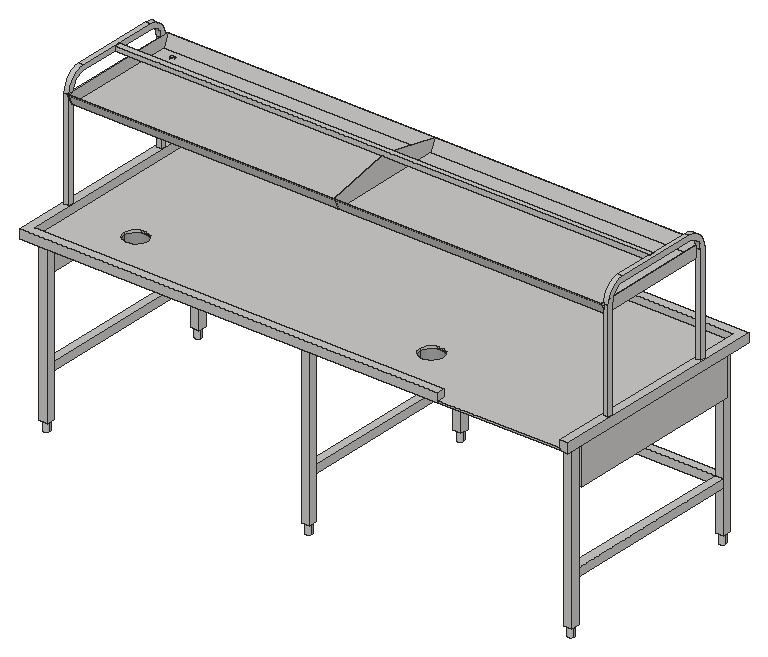
Revit family "QF_ZANUSSI_865347_BHST2711L", category Attrezzature speciali, Revit 2020
Family settings
  Quota connettore circolare = Usa diametro
  Tipo di parte = Normale
  Basato su piano di lavoro = No
  Sempre verticale = Sì
  Taglio con vuoti quando caricato = No
  Condiviso = No
  Punto di calcolo locali = No
Parameters (values of type "Standard")
  Weight = 25.00 kg
  Watts = 0 W
  Volts = 0 V
  URL Manufacturer = "http://www.zanussiprofessional.com"
  URL = "http://www.zanussiprofessional.com"
  Steam Supply Size = 0 mm
  Steam Supply Minimum Pressure = 0.0 Pa
  Steam Supply Maximum Pressure = 0.0 Pa
  Steam Consumption per Hour = 0
  Refrigeration Suction Line Size = 0 mm
  Refrigeration Liquid Line Size = 0 mm
  Refrigerant Compressor Remote = yes
  Prospetto di default = 0 mm
  Produttore = "Zanussi"
  Phase = 0
  Modello = "BHST2711L"
  Length Actual = 2700 mm  # constant formula
  Item Number = "865347"
  Hot Water Size = 0 mm
  Height Actual = 1551 mm  # constant formula
  HP = "0 HP"
  Gas Size = 0 mm
  Gas KW = 0
  Gas Input Pressure = 0 W
  Direct Waste Size = 0 mm
  Description = "SORTING TABLE, LEFT>RIGHT, 2700X1100 MM "
  Depth Actual = 1100 mm  # constant formula
  Cycle = 0 Hz
  Condensate Return Size = 0 mm
  Compressed Air Volume = 0.0 L/s
  Compressed Air Size = 0 mm
  Compressed Air Pressure = 0.0 Pa
  Cold Water Size = 0 mm
  Accessory = yes
Reference planes
  plane 1 "Centro (Fronte/Retro)": y = 0
  plane 2: z = 0
  plane 3 "Centro (Sinistra/Destra)": x = 0
  plane 4: z = 1492
  plane 5: x = 20
  plane 6: y = -557.5
  plane 7: x = 56
  plane 8: x = 2700
  plane 9: x = 1350
  plane 10: y = -1115
  plane 11: y = -88
  plane 12: y = -1023
Forms (mm)
  Extrusion 1, solid, material "QF_Finishes_Stainless Steel"
    sketch origin (0, 0, 865) x (1, 0, 0) y (0, 1, 0)
      loop
        line (40, -1075) -> (2060, -1075) -> (2060, -1115) -> (2660, -1115) -> (2660, -40) -> (40, -40) -> (40, -1075)
    from 0 to 10
  Extrusion 2, solid, material "QF_Finishes_Stainless Steel"
    sketch origin (36, -178, 0) x (0, 1, 0) y (0, 0, 1)
      loop
        line (70, 299.579) -> (-825, 299.579) -> (-825, 259.579) -> (70, 259.579) -> (70, 299.579)
    from 0 to 40
  Sweep 3, solid, material "QF_Finishes_Stainless Steel"
    path origin (0, -178, -12) x (0, 1, 0) y (0, 0, 1)
      loop
        line (-95, 922) -> (-95, 1412)
        arc (-95, 1412) -> (-118.431, 1468.569) -> (-175, 1492) r 80
        line (-175, 1492) -> (-584, 1492)
        arc (-584, 1492) -> (-640.569, 1468.569) -> (-664, 1412) r 80
        line (-664, 1412) -> (-664, 922)
    profile origin (0, -273, 1155) x (0, -1, 0) y (1, 0, 0)
      loop
        line (-12, 8) -> (12, 8) -> (12, 32) -> (-12, 32) -> (-12, 8)
  Extrusion 4, solid, material "QF_Finishes_Stainless Steel"
    sketch origin (0, -178, 0) x (0, 1, 0) y (0, 0, 1)
      loop
        line (70, 865) -> (-825, 865) -> (-825, 660) -> (70, 660) -> (70, 865)
    from 20 to 36
  Extrusion 5, solid, material "QF_Finishes_Stainless Steel"
    sketch origin (-964, -68, 0) x (1, 0, 0) y (0, 1, 0)
      loop
        line (1000, 0) -> (1000, -40) -> (1040, -40) -> (1040, 0) -> (1000, 0)
    from 45 to 865
  Extrusion 6, solid, material "QF_Finishes_Stainless Steel"
    sketch origin (-964, -68, 0) x (1, 0, 0) y (0, 1, 0)
      loop
        circle (1020, -20) r 15
    from 0 to 45
  Extrusion 7, solid, material "QF_Finishes_Stainless Steel"
    sketch origin (-964, -1003, 0) x (1, 0, 0) y (0, 1, 0)
      loop
        line (1000, 0) -> (1000, -40) -> (1040, -40) -> (1040, 0) -> (1000, 0)
    from 45 to 865
  Extrusion 8, solid, material "QF_Finishes_Stainless Steel"
    sketch origin (-964, -1003, 0) x (1, 0, 0) y (0, 1, 0)
      loop
        circle (1020, -20) r 15
    from 0 to 45
  Extrusion 9, solid, material "QF_Finishes_Stainless Steel"
    sketch origin (0, -28, 0) x (1, 0, 0) y (0, 0, 1)
      loop
        line (76, 259.624) -> (1330, 259.624) -> (1330, 299.579) -> (76, 299.579) -> (76, 259.624)
    from 40 to 80
  Extrusion 10, solid, material "QF_Finishes_Stainless Steel"
    sketch origin (0, -178, -12) x (0, 1, 0) y (0, 0, 1)
      loop
        line (-367.5, 1504) -> (-391.5, 1504) -> (-391.5, 1480) -> (-367.5, 1480) -> (-367.5, 1504)
    from 32 to 2668
  Extrusion 11, void
    sketch origin (0, -178, -12) x (1, 0, 0) y (0, 1, 0)
      loop
        circle (108.268, -136.161) r 12
    from 1301.755 to 1377.519
  Extrusion 12, solid, material "QF_Finishes_Stainless Steel"
    sketch origin (0, -178, -12) x (1, 0, 0) y (0, 1, 0)
      loop
        circle (108.21, -136.146) r 13
    from 1316.037 to 1362.532
  Extrusion 13, void
    sketch origin (0, -178, -12) x (1, 0, 0) y (0, 1, 0)
      loop
        circle (108.268, -136.161) r 10
    from 1301.755 to 1377.519
  Extrusion 14, solid, material "QF_Finishes_Stainless Steel"
    sketch origin (251, -178, 0) x (0, 1, 0) y (0, 0, 1)
      loop
        line (-367.5, 1468) -> (-391.5, 1468) -> (-687.809, 1406.976) -> (-663.034, 1353.844) -> (-95.966, 1353.844) -> (-71.191, 1406.976) -> (-367.5, 1468)
    from 1098 to 1100
  Extrusion 15, void
    sketch origin (32, -178, -6.687) x (0, 1, 0) y (0, 0, 1)
      loop
        line (-56.629, 1444.891) -> (-702.371, 1444.891) -> (-663.034, 1360.532) -> (-95.966, 1360.532) -> (-56.629, 1444.891)
    from 3.287 to 2634
  Extrusion 16, solid, material "QF_Finishes_Stainless Steel"
    sketch origin (32, -178, -12) x (0, 1, 0) y (0, 0, 1)
      loop
        line (-70.92, 1418.976) -> (-688.08, 1418.976) -> (-661.76, 1362.532) -> (-97.24, 1362.532) -> (-70.92, 1418.976)
    from 0 to 2636
  Extrusion 17, solid, material "QF_Finishes_Stainless Steel"
    sketch origin (2664, -178, 0) x (0, 1, 0) y (0, 0, -1)
      loop
        line (70, -299.579) -> (70, -259.579) -> (-825, -259.579) -> (-825, -299.579) -> (70, -299.579)
    from 0 to 40
  Sweep 18, solid, material "QF_Finishes_Stainless Steel"
    path origin (2700, -178, -12) x (0, 1, 0) y (0, 0, -1)
      loop
        line (-95, -922) -> (-95, -1412)
        arc (-95, -1412) -> (-118.431, -1468.569) -> (-175, -1492) r 80
        line (-175, -1492) -> (-584, -1492)
        arc (-584, -1492) -> (-640.569, -1468.569) -> (-664, -1412) r 80
        line (-664, -1412) -> (-664, -922)
    profile origin (2700, -273, 1155) x (0, 1, 0) y (-1, 0, 0)
      loop
        line (12, 8) -> (12, 32) -> (-12, 32) -> (-12, 8) -> (12, 8)
  Extrusion 19, solid, material "QF_Finishes_Stainless Steel"
    sketch origin (2700, -178, 0) x (0, 1, 0) y (0, 0, -1)
      loop
        line (70, -865) -> (70, -660) -> (-825, -660) -> (-825, -865) -> (70, -865)
    from 20 to 36
  Extrusion 20, solid, material "QF_Finishes_Stainless Steel"
    sketch origin (3664, -68, 0) x (-1, 0, 0) y (0, -1, 0)
      loop
        line (1000, 0) -> (1040, 0) -> (1040, 40) -> (1000, 40) -> (1000, 0)
    from 45 to 865
  Extrusion 21, solid, material "QF_Finishes_Stainless Steel"
    sketch origin (3664, -68, 0) x (-1, 0, 0) y (0, -1, 0)
      loop
        circle (1020, 20) r 15
    from 0 to 45
  Extrusion 22, solid, material "QF_Finishes_Stainless Steel"
    sketch origin (3664, -1003, 0) x (-1, 0, 0) y (0, -1, 0)
      loop
        line (1000, 0) -> (1040, 0) -> (1040, 40) -> (1000, 40) -> (1000, 0)
    from 45 to 865
  Extrusion 23, solid, material "QF_Finishes_Stainless Steel"
    sketch origin (3664, -1003, 0) x (-1, 0, 0) y (0, -1, 0)
      loop
        circle (1020, 20) r 15
    from 0 to 45
  Extrusion 24, solid, material "QF_Finishes_Stainless Steel"
    sketch origin (1370, -178, 0) x (0, 1, 0) y (0, 0, -1)
      loop
        line (70, -299.579) -> (70, -259.579) -> (-825, -259.579) -> (-825, -299.579) -> (70, -299.579)
    from 0 to 40
  Extrusion 25, solid, material "QF_Finishes_Stainless Steel"
    sketch origin (2370, -68, 0) x (-1, 0, 0) y (0, -1, 0)
      loop
        line (1000, 0) -> (1040, 0) -> (1040, 40) -> (1000, 40) -> (1000, 0)
    from 45 to 865
  Extrusion 26, solid, material "QF_Finishes_Stainless Steel"
    sketch origin (2370, -68, 0) x (-1, 0, 0) y (0, -1, 0)
      loop
        circle (1020, 20) r 15
    from 0 to 45
  Extrusion 27, solid, material "QF_Finishes_Stainless Steel"
    sketch origin (2370, -1003, 0) x (-1, 0, 0) y (0, -1, 0)
      loop
        line (1000, 0) -> (1040, 0) -> (1040, 40) -> (1000, 40) -> (1000, 0)
    from 45 to 865
  Extrusion 28, solid, material "QF_Finishes_Stainless Steel"
    sketch origin (2370, -1003, 0) x (-1, 0, 0) y (0, -1, 0)
      loop
        circle (1020, 20) r 15
    from 0 to 45
  Extrusion 29, solid, material "QF_Finishes_Stainless Steel"
    sketch origin (1294, -28, 0) x (1, 0, 0) y (0, 0, 1)
      loop
        line (76, 259.624) -> (1330, 259.624) -> (1330, 299.579) -> (76, 299.579) -> (76, 259.624)
    from 40 to 80
  Extrusion 30, void
    sketch origin (960, -349.25, 0) x (-1, 0, 0) y (0, -1, 0)
      loop
        circle (610, 490) r 58
    from 674.596 to 947.421
  Extrusion 31, void
    sketch origin (2420, -349.25, 0) x (-1, 0, 0) y (0, -1, 0)
      loop
        circle (610, 490) r 58
    from 674.596 to 947.421
  Extrusion 32, solid, material "QF_Finishes_Stainless Steel"
    sketch origin (2700, 0, 865) x (-1, 0, 0) y (0, -1, 0)
      loop
        line (0, 0) -> (2700, 0) -> (2700, 1115) -> (640, 1115) -> (640, 1075) -> (2660, 1075) -> (2660, 40) -> (40, 40) -> (40, 1115) -> (0, 1115) -> (0, 0)
    from 0 to 45
Cuts and joins
  Extrusion 11 cuts Extrusion 12
  Extrusion 30, Extrusion 31 cuts Extrusion 1
  Extrusion 13, Extrusion 15 cuts Extrusion 16
Dimensions and locks
  plane 4 to level = 1492 mm  (x2)
  plane 8 to plane 3 "Centro (Sinistra/Destra)" = 2700 mm
  plane 1 "Centro (Fronte/Retro)" to plane 10 = 1115 mm  (x2)
  Extrusion 5 to Extrusion 7 = 895 mm
  plane 11 to plane 12 = 935 mm
  Extrusion 9 to Extrusion 9 = 39.955 mm
  Sweep 3 to Sweep 3 = 545 mm
  plane 3 "Centro (Sinistra/Destra)" to plane 8 = 2700 mm
  aligned and locked: level to plane 2
  aligned and locked: Extrusion 6 to Extrusion 5
  aligned and locked: Extrusion 8 to Extrusion 7
  aligned and locked: Extrusion 20 to Extrusion 21
  aligned and locked: Extrusion 22 to Extrusion 23
  aligned and locked: Extrusion 25 to Extrusion 26
  aligned and locked: Extrusion 27 to Extrusion 28
Nested families
  nested 1: "FORO_IMMONDIZIE - 200" at (350, -839, 863.471) x (-1, 0, 0) z (0, 0, 1), type "FORO_IMMONDIZIE - 200"
  nested 2: "FORO_IMMONDIZIE - 200" at (1810, -839, 863.471) x (-1, 0, 0) z (0, 0, 1), type "FORO_IMMONDIZIE - 200"
Definition of nested family "FORO_IMMONDIZIE - 200"
  Parameters (values of type "FORO_IMMONDIZIE - 200")
    Default Elevation = 1219.2 mm
  Reference planes
    plane 1 "Centro (Fronte/Retro)": y = 0
    plane 2: z = 0
    plane 3 "Centro (Sinistra/Destra)": x = 0
    plane 4: z = -110
  Forms (mm)
    Extrusion 1, solid, not visible
      sketch origin (0, 0, 0) x (1, 0, 0) y (0, 1, 0)
        loop
          line (-1219.2, 1219.2) -> (-1219.2, -1219.2) -> (1219.2, -1219.2) -> (1219.2, 1219.2) -> (-1219.2, 1219.2)
      from 0 to -304.8
    Extrusion 2, solid
      sketch origin (0, 0, 0) x (1, 0, 0) y (0, 1, 0)
        loop
          circle (0, 0) r 60
        loop
          circle (0, 0) r 90
      from -110 to 1.529
  Dimensions and locks
    aligned and locked: plane 2 to Extrusion 1
    aligned and locked: level to Extrusion 1
